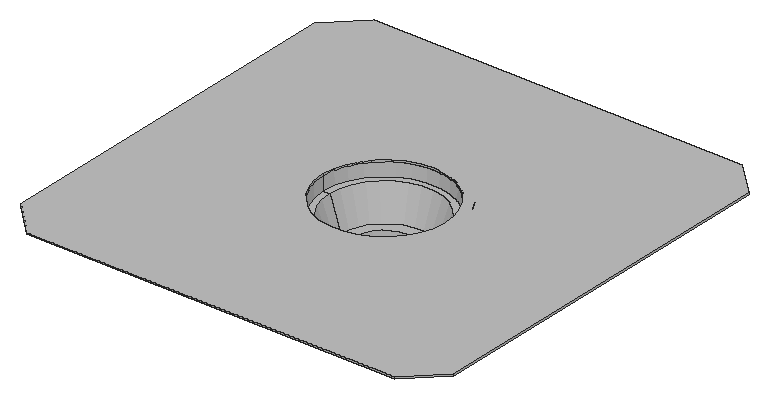
Revit family "482066001(1)", category Generic Models, host Floor, Revit 2019
Family settings
  Host = Floor
  Can host rebar = No
  Always vertical = Yes
  Cut with Voids When Loaded = No
  Shared = Yes
  Room Calculation Point = No
Parameters (values of type "482066001")
  SUPPLIER = "KOERO"
  NT = "Balcony transit and drain wastes"
  NN = "PLUVETTA®MET LODEN SLAB"
  NBSYN = "$CNSORDERNO.($LODLEVEL.)"
  NB = "482066001(1)"
  Model = "482066001"
  Manufacturer = "KOERO"
  MIdent = "{$CADENAS_DATA/23d-libs/koero/pluvetta/pluvetta_met_loden_slab.prj},194 {VTYP=3D},{NB=482066001(1)},{LINA=482066001},{NN=PLUVETTA®MET LODEN SLAB},{DATE=23.04.2020 08:29:08},{GEOMDATE=22.04.2020 12:13:00},{VERSION=},{LINEID=50},{WBVAR=LODLEVEL},{WBNUMERIC=LODLEVEL}  {NB=482066001(1)},{LINA=482066001},{KT=DUMMY},{CNSORDERNO=482066001},{LODLEVEL=1},{BEZ=Zonder rooster, met loodslap 33 x 33cm, 15 ponds (=ca. 1,3 mm dik), Stortkoker Ø 90 mm},{D=108},{D1=94},{D2=0},{H=0},{H1=95},{INFO=PDF Catalog},{HTML=Product page},{INFOPAGE=pluvetta_90},{INFOPATH=pluvetta_90_nl.pdf},{HTML1=https://debeer-sanitair.nl/maattekeningen/pluvetta/},{S=60.0},{VER=1},{X=2},{H2=10}"
  LODLEVEL = "300"
  LINA = "482066001"
  INFO = "PDF Catalog"
  HTML = "Product page"
  H1 = 95 mm
  H = 0 mm
  Description = "Balcony transit and drain wastes"
  D2 = 0 mm
  D1 = 94 mm
  D = 108 mm
  CREATOR = "CADENAS GmbH"
  CNSORDERNO = "482066001"
  CATALOG = "König & Ronneberger"
  BOMINFO = "LINA"
  BEZ = "Zonder rooster, met loodslap 33 x 33cm, 15 ponds (=ca. 1,3 mm dik), Stortkoker Ø 90 mm"
  ARTICLENO = "NB"
Reference planes
  plane 1 "Center (Front/Back)": y = 0
  plane 2: z = 0
  plane 3 "Center (Left/Right)": x = 0
Forms (mm)
  Extrusion 1, void
    sketch origin (0, 0, -95) x (-1, 0, 0) y (0, -1, 0)
      loop
        line (-0.5, -0.5) -> (0.5, -0.5) -> (0.5, 0.5) -> (-0.5, 0.5) -> (-0.5, -0.5)
    from 0 to 1
  Extrusion 2, void
    sketch origin (-81.489, 0, -85.924) x (0.017452, 0, -0.999848) y (0, 1, 0)
      loop
        line (-0.5, -0.5) -> (0.5, -0.5) -> (0.5, 0.5) -> (-0.5, 0.5) -> (-0.5, -0.5)
    from 0 to 1
Dimensions and locks
  locked: Extrusion 1 to plane 2 at 94
  locked: Extrusion 1 to plane 2 at 95
  aligned and locked: level to plane 2
Nested families
  nested 1: "482066001(1)_content" at (0, 0, 0), type "482066001(1)_Content"
Connectors
  hvac at (0, 0, 0)
    settings: on host floor, index 1, duct flow 0.0 L/s, flow factor 0, pres drop 0.0 Pa, loss coef 0, conn angle 0.00°, conn width 304.8 mm, conn height 304.8 mm, conn diameter 94 mm, duct sys type 29, conn prof type 0, flow config 0, flow direction 1, loss method 0, conn ref index -1, conn util no, is conn primary yes, conn desc ""
  hvac at (0, 0, -95)
    settings: on Extrusion 1, index 2, duct flow 0.0 L/s, flow factor 0, pres drop 0.0 Pa, loss coef 0, conn angle 0.00°, conn width 304.8 mm, conn height 304.8 mm, conn diameter 60 mm, duct sys type 29, conn prof type 0, flow config 0, flow direction 2, loss method 0, conn ref index -1, conn util no, is conn primary no, conn desc ""
  hvac at (-81.489, 0, -85.924)
    settings: on Extrusion 2, index 3, duct flow 0.0 L/s, flow factor 0, pres drop 0.0 Pa, loss coef 0, conn angle 0.00°, conn width 304.8 mm, conn height 304.8 mm, conn diameter 0 mm, duct sys type 29, conn prof type 0, flow config 0, flow direction 2, loss method 0, conn ref index -1, conn util no, is conn primary no, conn desc ""
Definition of nested family "482066001(1)_content"
  Parameters (values of type "482066001(1)_Content")
    SUPPLIER = "KOERO"
    NT = "Balcony transit and drain wastes"
    NN = "PLUVETTA®MET LODEN SLAB"
    NBSYN = "$CNSORDERNO.($LODLEVEL.)"
    NB = "482066001(1)"
    Model = "482066001"
    Manufacturer = "KOERO"
    LODLEVEL = "300"
    LINA = "482066001"
    INFO = "PDF Catalog"
    HTML = "Product page"
    H1 = 95 mm
    H = 0 mm
    Description = "Balcony transit and drain wastes"
    Default Elevation = 1219.2 mm
    D2 = 0 mm
    D1 = 94 mm
    D = 108 mm
    CREATOR = "CADENAS GmbH"
    CNSORDERNO = "482066001"
    CATALOG = "König & Ronneberger"
    BOMINFO = "LINA"
    BEZ = "Zonder rooster, met loodslap 33 x 33cm, 15 ponds (=ca. 1,3 mm dik), Stortkoker Ø 90 mm"
    ARTICLENO = "NB"
  Reference planes
    plane 1 "Center (Front/Back)": y = 0
    plane 2: z = 0
    plane 3 "Center (Left/Right)": x = 0
  Forms (mm)
    Revolve 1, solid, detail levels medium+fine
      sketch origin (0, 0, 0) x (-1, 0, 0) y (0, 0, -1)
        loop
          line (-54, 6) -> (-54, 0) -> (-47, 0) -> (-46.5, 10) -> (-41.5, 10) -> (-33.35, 34.45) -> (-25, 34.45) -> (-21, 95) -> (-24, 95) -> (-27.633, 40) -> (-39, 40) -> (-43, 37) -> (-42.5, 30) -> (-44, 30) -> (-44, 28) -> (-41, 25) -> (-44, 16) -> (-53, 15) -> (-53, 13) -> (-50, 10) -> (-50, 6) -> (-54, 6)
        axis (0, 95) -> (0, 0)
      angle from -360 to 0
    Extrusion 2, solid, detail levels medium+fine
      sketch origin (0, 0, 0) x (-1, 0, 0) y (0, -1, 0)
        loop
          line (-165, -140.251) -> (-140.251, -165) -> (140.251, -165) -> (165, -140.251) -> (165, 140.251) -> (140.251, 165) -> (-140.251, 165) -> (-165, 140.251) -> (-165, -140.251)
        loop
          circle (0, 0) r 47
      from 0 to 5
    Extrusion 3, void, detail levels medium+fine
      sketch origin (0, 0, 0) x (-1, 0, 0) y (0, 0, -1)
        loop
          line (-170, -11.3) -> (170, -11.3) -> (170, -1.3) -> (-170, -1.3) -> (-170, -11.3)
      from -170 to 170
    Extrusion 4, solid, detail levels coarse
      sketch origin (0, 0, -95) x (1, 0, 0) y (0, 1, 0)
        loop
          line (-165, -165) -> (165, -165) -> (165, 165) -> (-165, 165) -> (-165, -165)
      from 0 to 96.3
  Cuts and joins
    Extrusion 3 cuts Revolve 1
    Extrusion 3 cuts Extrusion 2
  Dimensions and locks
    aligned and locked: level to plane 2
